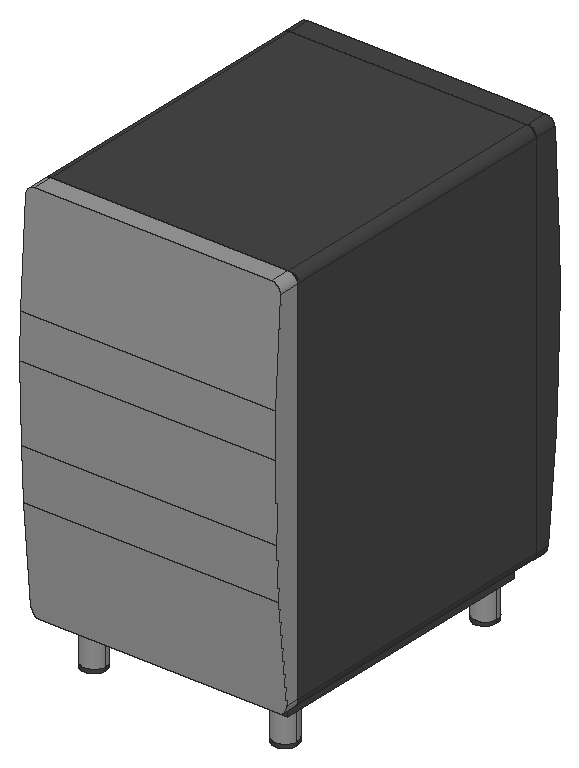
Revit family "Franke_Refrigeration_side_unit_SU12_EC-A600_MS_EC_A600_FM_EC_A800_FM_EC(CN)", category Specialty Equipment, Revit 2015
Parameters (values of type "Refrigeration side unit SU12 EC-A600 MS EC,A600 FM EC,A800 FM EC(220V/anthracite/CN)")
  Volts max. = 0 V
  URL = "https://www.franke.com/main/en/cs/products/product-search.html"
  Depth (mm) = 475 mm
  Temperature range = "+ 3° C to +8° C"
  Volts min. = 220 V
  Cycle Alternative = 0 Hz
  Max Overcurrent Protection = "-"
  Cycle = 50 Hz
  Model = "410874 - Refrigeration side unit SU12 EC - A600 MS EC, A600 FM EC, A800 FM EC"
  Milk storage = "12 l"
  Current consumption = "0.80 A"
  Cost = 0
  Height (mm) = 586 mm
  Manufacturer = "Franke"
  Energy loss acc. to DIN 18873 = "0.783 kWh/24 h - 230 V"
  Width (mm) = 340 mm
  Description = "Refrigeration side unit SU12 for storage of cooled milk"
  Assembly Code = "Refrigeration side unit SU12"
  Keynote = "Refrigeration side unit SU12"
  Weight = "26 kg"
  Number of Poles = 1
  Number of Protective Conductors = "1"
  Number of Nutral Conductors = "1"
  Frontcover = Franke Anthracite
Types (3, lengths in mm): name | Frontcover
  (no name) | Franke Anthracite
  Refrigeration side unit SU12 EC-A600 MS EC,A600 FM EC,A800 FM EC(220V/black line/CN) | Franke Black
  Refrigeration side unit SU12 EC-A600 MS EC,A600 FM EC,A800 FM EC(220V/anthracite/CN) | Franke Anthracite
Reference planes
  plane 1 "Mitte (Vorne/Hinten)": y = 0
  plane 2: z = 0
  plane 3 "Mitte (Links/Rechts)": x = 0
Forms (mm)
  Extrusion 1, solid, material "Franke Black"
    sketch origin (0, 0, 0) x (1, 0, 0) y (0, 0, 1)
      loop
        arc (-170, 78) -> (-166.485, 69.515) -> (-158, 66) r 12
        line (-158, 66) -> (158, 66)
        arc (158, 66) -> (166.485, 69.515) -> (170, 78) r 12
        line (170, 78) -> (170, 574)
        arc (170, 574) -> (166.485, 582.485) -> (158, 586) r 12
        line (158, 586) -> (-158, 586)
        arc (-158, 586) -> (-166.485, 582.485) -> (-170, 574) r 12
        line (-170, 574) -> (-170, 78)
    from -198.03 to 198.03
  Extrusion 2, solid, material "Franke Black"
    sketch origin (0, 0, 0) x (0, 1, 0) y (0, 0, 1)
      loop
        line (186.97, 66) -> (-188.03, 66) -> (-188.03, 46) -> (186.97, 46) -> (186.97, 66)
    from -149 to 149
  Extrusion 3, solid, material "Franke Black"
    sketch origin (0, 0, 0) x (1, 0, 0) y (0, 1, 0)
      loop
        line (-139, 119.911) -> (-139, 96.511) -> (-120.3, 96.511) -> (-120.3, 119.911) -> (-139, 119.911)
      loop
        line (120.3, 119.911) -> (120.3, 96.511) -> (139, 96.511) -> (139, 119.911) -> (120.3, 119.911)
      loop
        line (120.3, -95.689) -> (120.3, -119.089) -> (139, -119.089) -> (139, -95.689) -> (120.3, -95.689)
      loop
        line (-139, -95.689) -> (-139, -119.089) -> (-120.3, -119.089) -> (-120.3, -95.689) -> (-139, -95.689)
    from 42 to 46
  Extrusion 4, solid, material "Franke Chrome"
    sketch origin (0, 0, 0) x (1, 0, 0) y (0, 1, 0)
      loop
        circle (-127.5, 166.47) r 16
      loop
        circle (-127.5, -166.13) r 16
      loop
        circle (127.5, 166.47) r 16
      loop
        circle (127.5, -166.13) r 16
    from 5 to 46
  Extrusion 5, solid, material "Franke Black"
    sketch origin (0, 0, -41) x (1, 0, 0) y (0, 1, 0)
      loop
        circle (-127.5, 166.47) r 16
      loop
        circle (-127.5, -166.13) r 16
      loop
        circle (127.5, 166.47) r 16
      loop
        circle (127.5, -166.13) r 16
    from 41 to 46
  Extrusion 6, solid, material "Franke Anthracite" <- "Frontcover"
    sketch origin (0, 0, 0) x (0, 1, 0) y (0, 0, 1)
      loop
        line (-199.53, 586) -> (-226.03, 586)
        arc (-226.03, 586) -> (-230.938, 512.688) -> (-234.804, 439.314) r 5166.525
        arc (-234.804, 439.314) -> (-235.718, 409.388) -> (-235.736, 379.448) r 1000
        arc (-235.736, 379.448) -> (-234.928, 328.403) -> (-233.97, 277.36) r 17389.365
        arc (-233.97, 277.36) -> (-232.66, 242.583) -> (-230.141, 207.872) r 1000
        arc (-230.141, 207.872) -> (-223.415, 136.903) -> (-216.03, 66) r 7668.804
        line (-216.03, 66) -> (-199.53, 66) -> (-199.53, 586)
    from -170 to 170
  Extrusion 7, solid, material "Franke Black"
    sketch origin (0, 0, 0) x (0, 1, 0) y (0, 0, 1)
      loop
        line (228.03, 586) -> (199.53, 586) -> (199.53, 66) -> (216.03, 66)
        arc (216.03, 66) -> (223.625, 137.651) -> (230.787, 209.347) r 11934.303
        arc (230.787, 209.347) -> (233.53, 243.904) -> (235.074, 278.535) r 1000
        arc (235.074, 278.535) -> (236.278, 326.896) -> (237.256, 375.262) r 10374.963
        arc (237.256, 375.262) -> (237.334, 405.934) -> (236.472, 436.595) r 1000
        arc (236.472, 436.595) -> (232.736, 511.325) -> (228.03, 586) r 5764.394
    from -170 to 170
  Extrusion 8, solid, material "Franke Black"
    sketch origin (0, 0, 0) x (1, 0, 0) y (0, 0, 1)
      loop
        line (-120, 576) -> (-120, 66) -> (120, 66) -> (120, 576) -> (-120, 576)
    from 198.03 to 199.53
  Extrusion 9, solid, material "Franke Black"
    sketch origin (0, 397.56, 0) x (1, 0, 0) y (0, 0, 1)
      loop
        line (-120, 576) -> (-120, 66) -> (120, 66) -> (120, 576) -> (-120, 576)
    from 198.03 to 199.53
  Extrusion 10, void
    sketch origin (0, 0, 0) x (1, 0, 0) y (0, 0, 1)
      loop
        line (-158, 586) -> (-158, 596) -> (-180, 596) -> (-180, 574) -> (-170, 574)
        arc (-170, 574) -> (-166.485, 582.485) -> (-158, 586) r 12
      loop
        arc (158, 586) -> (166.485, 582.485) -> (170, 574) r 12
        line (170, 574) -> (180, 574) -> (180, 596) -> (158, 596) -> (158, 586)
      loop
        arc (-158, 66) -> (-166.485, 69.515) -> (-170, 78) r 12
        line (-170, 78) -> (-180, 78) -> (-180, 56) -> (-158, 56) -> (-158, 66)
      loop
        line (158, 66) -> (158, 56) -> (180, 56) -> (180, 78) -> (170, 78)
        arc (170, 78) -> (166.485, 69.515) -> (158, 66) r 12
    from -296.752 to 350.669
  Extrusion 11, void
    sketch origin (0, 0, 0) x (1, 0, 0) y (0, 1, 0)
      loop
        circle (-2, 69.416) r 50
    from 0 to 56
  Extrusion 12, solid, material "Franke Chrome"
    sketch origin (0, 0, 0) x (1, 0, 0) y (0, 1, 0)
      loop
        circle (0, 95.015) r 2.5
    from 46 to 56
Cuts and joins
  Extrusion 11 cuts Extrusion 2
  Extrusion 10 cuts Extrusion 6
  Extrusion 10 cuts Extrusion 7
Dimensions and locks
  aligned and locked: level to plane 2
Connectors
  electrical at (0, 95.015, 46), driven by "Volts min.", driven by "Number of Poles"
    settings: on Extrusion 12, index 1, voltage 220 V, apparent load 0 VA, apparent load phase1 0 VA, apparent load phase2 0 VA, apparent load phase3 0 VA, power factor 1, load classification "Strom", number of poles 1, system type 31, power factor state 1, is connector primary yes, connector utility no, sub classification motor no, connector description ""
